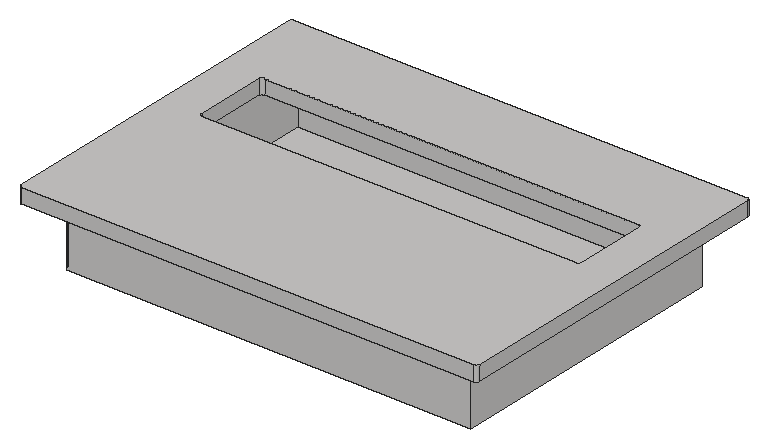
Revit family "Seat_Cover_Dispenser-Bobrick-TrimLineSeries-B-3013", category Specialty Equipment, host Face, Revit 2018
Family settings
  Host = Face
  Round Connector Dimension = Use Diameter
  Part Type = Normal
  OmniClass Number = 23.40.20.21
  OmniClass Title = Toilet and Bath Specialties
  Cut with Voids When Loaded = No
  Shared = Yes
  Room Calculation Point = No
Parameters (values of type "B-3013")
  Width = 9/16" + 2 3/8"  # 2 15/16"
  URL = "http://www.bobrick.com/"
  Type Comments = ""
  Rough Wall Opening Width = 15 7/8"
  Rough Wall Opening Height = 11 7/16"
  Rough Wall Opening Depth = 2 3/4"
  Revised Date = "10/15/2021"  # constant formula
  Product Page URL = "https://www.bobrick.com/products/washroom-accessories/washroom-accessories-catalog/product/en-gb-b-3013/"
  Product Documentation Link = "https://www.bobrick.com/wp-content/uploads/B-3013_td.pdf"
  Price = "Prices may vary. Please consult Manufacturer Representative for most up-to-date price list."  # constant formula
  Mounting Height Constraint = if(ADA, 41 7/8", 45 7/8")  # 41 7/8"
  Model = "B-3013"
  Material = "Stainless Steel-Bobrick-Satin"
  Manufacturer = "Bobrick"
  Length = 17 9/16"
  Installation Type = "Recessed Wal Mounted"
  Height = 13 1/16"
  Door Material = Stainless Steel-Bobrick-Satin
  Description = "Recessed Toilet Seat-Cover Dispenser"
  Default Elevation = 0"
  Creation Date = "12/30/2014"  # constant formula
  Capacity = "500 toilet seat covers"
  Cabinet Material = Metal-Bobrick-Stainless Steel
  Assembly Code = "C1030200"
  ADA Compliant = if(ADA, 1 > 0, 1 < 0)  # yes
  ADA = yes
Reference planes (in)
  plane 1 "Center (Front/Back)": y = 0
  plane 2: z = 0
  plane 3 "Center (Left/Right)": x = 0
  plane 4: x = 8.78125
  plane 5: x = -8.78125
  plane 6: y = 6.53125
  plane 7: y = -6.53125
  plane 8: z = 0.5625
  plane 9: x = 7.75
  plane 10: x = -7.75
  plane 11: y = 5.53125
  plane 12: y = -5.53125
  plane 13: z = -2.375
  plane 14: y = 5.53125
  plane 15: y = -36.34375
  plane 16: y = 3.21875
  plane 17: x = -7.75
  plane 18: x = 7.75
  plane 19: y = -5.53125
  plane 20: z = -2.75
Forms (in)
  Extrusion 1, solid, material "Stainless Steel-Bobrick-Satin" <- "Door Material"
    sketch origin (0, 0, 0) x (1, 0, 0) y (0, 1, 0)
      loop
        arc (-8.65625, 6.53125) -> (-8.74464, 6.49464) -> (-8.78125, 6.40625) r 0.125
        line (-8.78125, 6.40625) -> (-8.78125, -6.40625)
        arc (-8.78125, -6.40625) -> (-8.74464, -6.49464) -> (-8.65625, -6.53125) r 0.125
        line (-8.65625, -6.53125) -> (8.65625, -6.53125)
        arc (8.65625, -6.53125) -> (8.74464, -6.49464) -> (8.78125, -6.40625) r 0.125
        line (8.78125, -6.40625) -> (8.78125, 6.40625)
        arc (8.78125, 6.40625) -> (8.74464, 6.49464) -> (8.65625, 6.53125) r 0.125
        line (8.65625, 6.53125) -> (-8.65625, 6.53125)
      loop
        arc (7.15625, 0.21875) -> (7.24464, 0.25536) -> (7.28125, 0.34375) r 0.125
        line (7.28125, 0.34375) -> (7.28125, 3.09375)
        arc (7.28125, 3.09375) -> (7.24464, 3.18214) -> (7.15625, 3.21875) r 0.125
        line (7.15625, 3.21875) -> (-7.15625, 3.21875)
        arc (-7.15625, 3.21875) -> (-7.24464, 3.18214) -> (-7.28125, 3.09375) r 0.125
        line (-7.28125, 3.09375) -> (-7.28125, 0.34375)
        arc (-7.28125, 0.34375) -> (-7.24464, 0.25536) -> (-7.15625, 0.21875) r 0.125
        line (-7.15625, 0.21875) -> (7.15625, 0.21875)
    from 0 to 0.5625
  Extrusion 2, solid, material "Metal-Bobrick-Stainless Steel" <- "Cabinet Material"
    sketch origin (0, 0, 0) x (1, 0, 0) y (0, 1, 0)
      loop
        line (-7.75, 5.53125) -> (-7.75, -5.53125) -> (7.75, -5.53125) -> (7.75, 5.53125) -> (-7.75, 5.53125)
      loop
        line (7.71094, 5.49219) -> (-7.71094, 5.49219) -> (-7.71094, -5.49219) -> (7.71094, -5.49219) -> (7.71094, 5.49219)
    from -2.375 to 0
  Extrusion 3, solid, material "Metal-Bobrick-Stainless Steel" <- "Cabinet Material"
    sketch origin (0, 0, 0.085) x (1, 0, 0) y (0, 1, 0)
      loop
        line (-7.75, 5.53125) -> (-7.75, -5.53125) -> (7.75, -5.53125) -> (7.75, 5.53125) -> (-7.75, 5.53125)
    from -2.375 to -2.46
  Extrusion 4, void
    sketch origin (0, 0, 0) x (1, 0, 0) y (0, 1, 0)
      loop
        line (-7.9375, 5.71875) -> (-7.9375, -5.71875) -> (7.9375, -5.71875) -> (7.9375, 5.71875) -> (-7.9375, 5.71875)
    from -2.75 to 1.34183
Cuts and joins
  joined: Extrusion 2, Extrusion 3
Lines and regions (in)
  Masking region 1
    outline origin (0, 0, 0) x (1, 0, 0) y (0, 0, 1)
      loop
        line (8.78125, 0.5625) -> (-8.78125, 0.5625) -> (-8.78125, 0) -> (8.78125, 0) -> (8.78125, 0.5625)
  Split face 1
    outline origin (0, 0, 0.5625) x (1, 0, 0) y (0, 1, 0)
      loop
        circle (0, -4.6986) r 0.5
  Split face 2
    outline origin (0, 0, 0.5625) x (1, 0, 0) y (0, 1, 0)
      loop
        line (-0.08786, -4.30332) -> (-0.08786, -5.11301) -> (0.08786, -5.11301) -> (0.08786, -4.30332) -> (-0.08786, -4.30332)
Dimensions and locks (in)
  "Height": plane 6 to plane 7
  plane 10 to plane 9 = 15 1/2"
  plane 12 to plane 11 = 11 1/16"
  plane 1 "Center (Front/Back)" to plane 14 = 5 17/32"
  "Mounting Height Constraint": plane 15 to plane 14
  plane 8 to host face = 9/16"
  host face to plane 13 = 2 3/8"
  equal spacing: plane 5, plane 3 "Center (Left/Right)", plane 4
  "Length": plane 5 to plane 4
  plane 7 to plane 16 = 9 3/4"
  equal spacing: plane 17, plane 3 "Center (Left/Right)", plane 18
  plane 17 to plane 18 = 15 1/2"
  "Width": plane 13 to plane 8
  "Rough Wall Opening Depth": host face to plane 20
  "Rough Wall Opening Width": Extrusion 4 sketch curve to Extrusion 4 sketch curve
  "Rough Wall Opening Height": Extrusion 4 sketch curve to Extrusion 4 sketch curve
  aligned and locked: plane 2 to host face
  aligned and locked: level to host face
  aligned and locked: plane 8 to Extrusion 1
  aligned and locked: Extrusion 1 to level
  aligned and locked: plane 13 to Extrusion 2
  aligned and locked: level to Extrusion 2
  aligned and locked: Extrusion 4 to plane 20
Automatic sketch dimensions
  host sketch curve to host sketch curve = 96"  (x2)
  Extrusion 2 sketch curve to plane 10 = 0"
  Extrusion 2 sketch curve to plane 9 = 0"
  Extrusion 2 sketch curve to plane 12 = 0"
  plane 11 to Extrusion 2 sketch curve = 0"
  Extrusion 2 sketch curve to plane 10 = 5/128"
  Extrusion 2 sketch curve to plane 9 = 5/128"
  plane 12 to Extrusion 2 sketch curve = 5/128"
  plane 11 to Extrusion 2 sketch curve = 5/128"
  plane 14 to Extrusion 3 sketch curve = 0"
  Extrusion 3 sketch curve to plane 5 = 1 1/32"
  Extrusion 3 sketch curve to plane 4 = 1 1/32"
  Extrusion 3 sketch curve to plane 7 = 1"
  Extrusion 1 sketch curve to plane 5 = 0"
  plane 7 to Extrusion 1 sketch curve = 0"
  Extrusion 1 sketch curve to plane 6 = 0"
  Extrusion 1 sketch curve to plane 4 = 0"
  Extrusion 1 sketch curve to plane 5 = 1/8"  (x2)
  Extrusion 1 sketch curve to plane 16 = 1/8"
  plane 17 to Extrusion 1 sketch curve = 15/32"
  Extrusion 1 sketch curve to Extrusion 1 sketch curve = 1/8"  (x2)
  plane 18 to Extrusion 1 sketch curve = 19/32"  (x2)
  Extrusion 1 sketch curve to plane 4 = 1/8"  (x2)
  Extrusion 1 sketch curve to plane 1 "Center (Front/Back)" = 7/32"
  Extrusion 1 sketch curve to plane 16 = 0"
  Masking region 1 sketch curve to level = 0"
  plane 5 to Masking region 1 sketch curve = 0"
  Masking region 1 sketch curve to plane 8 = 0"
  Masking region 1 sketch curve to plane 4 = 0"
  Extrusion 4 sketch curve to plane 17 = 3/16"
  Extrusion 4 sketch curve to plane 19 = 3/16"
  Split face 1 sketch curve to Extrusion 1 = 1.83265"
  Extrusion 1 to Split face 1 sketch curve = 7 9/32"
  Split face 2 sketch curve to Extrusion 1 = 1.41824"
  Extrusion 1 to Split face 2 sketch curve = 7.19339"
  Split face 2 sketch curve to Split face 2 sketch curve = 0.17572"
  Split face 2 sketch curve to Split face 2 sketch curve = 0.80969"
  radius of Split face 1 sketch curve = 1/2"
